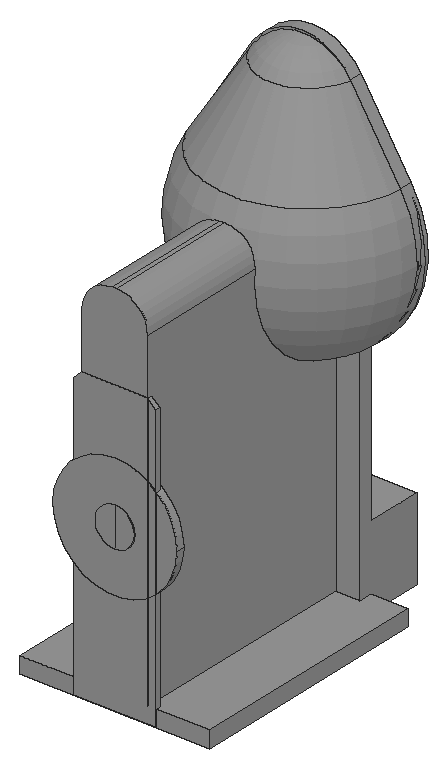
Revit family "Toilet-Willoughby-ETF-1490-FM-10-FA-BS", category Plumbing Fixtures, Revit 2015
Parameters (values of type "Standard")
  Waste DIA = 2 3/8"
  Waste Connection = yes
  W-RAD [instance] = Waste DIA / 2  # 0' - 1 3/16"
  Vent Connection = no
  URL = "https://www.willoughby-ind.com/wp-content/uploads/2018/01/ETF-1490-FM-FA.pdf"
  Type Comments = ""
  Revision = "A"
  Model = "ETF-1490-FM-FA-10-BS"
  Manufacturer = "Willoughby Industries"
  HW Connection = no
  Flush inlet DIA = 1 1/2"
  Fixture Body = Stainless Steel AISI 304-Willoughby
  F-RAD [instance] = Flush inlet DIA / 2  # 0' - 0 3/4"
  Description = "Floor Outlet, Floor Mounted Toilet, Front Access, With 10\" Rough In, Back Spud"
  Default Elevation = 0' - 0"
  Contact Number = "(800) 428-4065"
  CW Connection = yes
Reference planes (in)
  plane 1 "Base": y = -16.25
  plane 2: z = 0
  plane 3 "Center": x = 18.31072
  plane 4 "Waste height": y = -4.75
  plane 5: y = -1.25
  plane 6: z = -6.75
  plane 7: y = -2.125
  plane 8: y = -14.0625
  plane 9: y = 0
  plane 10: x = 16.31072
  plane 11: x = 20.31072
  plane 12: x = 11.56072
  plane 13: x = 25.06072
  plane 14: z = 23
  plane 15: z = 30.75
  plane 16: x = 15.81072
  plane 17: x = 20.81072
  plane 18: x = 15.81072
  plane 19: x = 20.81072
  plane 20: z = 10
  plane 21: x = 12.56072
  plane 22: x = 24.06072
  plane 23: y = 2.75
Forms (in)
  Extrusion 1, solid, material "Stainless Steel AISI 304-Willoughby" <- "Fixture Body"
    sketch origin (16.08109, 7.47968, -2.20225) x (-1, 0, 0) y (0, 0, -1)
      loop
        line (1.29775, -16.80087) -> (1.29775, -3.20225) -> (-5.72963, -3.20225) -> (-5.72963, -16.81676)
        arc (-5.72963, -16.81676) -> (-8.98136, -21.11843) -> (-8.21015, -26.45542) r 7
        line (-8.21015, -26.45542) -> (-5.16818, -31.31054)
        arc (-5.16818, -31.31054) -> (-2.20225, -32.95225) -> (0.76368, -31.31054) r 3.5
        line (0.76368, -31.31054) -> (3.80565, -26.45542)
        arc (3.80565, -26.45542) -> (4.5729, -21.10311) -> (1.29775, -16.80087) r 7
      loop
        arc (2.03989, -24.70557) -> (-2.20225, -18.23804) -> (-6.44438, -24.70557) r 4.625
        line (-6.44438, -24.70557) -> (-4.04125, -30.23842)
        arc (-4.04125, -30.23842) -> (-2.20225, -31.45225) -> (-0.36324, -30.23842) r 2
        line (-0.36324, -30.23842) -> (2.03989, -24.70557)
    from 8.72968 to 9.5
  Revolve 2, solid, material "Stainless Steel AISI 304-Willoughby" <- "Fixture Body"
    sketch origin (19.37246, -1.52032, 1.00169) x (-1, 0, 0) y (0, 0, -1)
      loop
        line (1.06174, -12.59906) -> (1.06174, -12.84906)
        arc (1.06174, -12.84906) -> (6.6808, -17.48143) -> (5.58904, -24.68148) r 7.38075
        line (5.58904, -24.68148) -> (3.81535, -27.91457)
        arc (3.81535, -27.91457) -> (2.63527, -29.03194) -> (1.06174, -29.43826) r 3.25
        line (1.06174, -29.43826) -> (1.06174, -29.68826)
        arc (1.06174, -29.68826) -> (2.75672, -29.25045) -> (4.02767, -28.04656) r 3.5
        line (4.02767, -28.04656) -> (7.06964, -23.19143)
        arc (7.06964, -23.19143) -> (7.15052, -16.14555) -> (1.06174, -12.59906) r 7
      axis (1.06174, -12.59906) -> (1.06174, -29.68826)
    angle from 0 to -180
  Extrusion 3, solid, material "Stainless Steel AISI 304-Willoughby" <- "Fixture Body"
    sketch origin (19.53334, -3.02032, -4.9508) x (0, 1, 0) y (0, 0, 1)
      loop
        line (-4.42257, 4.9508) -> (1.02643, 4.9508) -> (1.02643, 18.97156)
        arc (1.02643, 18.97156) -> (-2.31062, 20.32275) -> (-4.42257, 23.23845) r 6.52287
        line (-4.42257, 23.23845) -> (-4.42257, 4.9508)
    from 0.77738 to -3.22262
  Extrusion 4, solid, material "Stainless Steel AISI 304-Willoughby" <- "Fixture Body"
    sketch origin (18.31072, 0, -1) x (0, 1, 0) y (0, 0, 1)
      loop
        line (-1.25, 1) -> (2.25, 1) -> (2.25, 6) -> (-1.25, 6) -> (-1.25, 1)
    from -3.52738 to 3.5
  Extrusion 5, solid, material "Stainless Steel AISI 304-Willoughby" <- "Fixture Body"
    sketch origin (0, 0, 0) x (1, 0, 0) y (0, 1, 0)
      loop
        circle (18.31072, 0) r 0.75
    from 0 to 1
  Extrusion 6, solid, material "Stainless Steel AISI 304-Willoughby" <- "Fixture Body"
    sketch origin (0, -16.25, 0) x (1, 0, 0) y (0, 0, 1)
      loop
        line (24.06072, 0) -> (24.06072, 1) -> (12.56072, 1) -> (12.56072, 0) -> (24.06072, 0)
    from -15 to 0
  Extrusion 7, solid, material "Stainless Steel AISI 304-Willoughby" <- "Fixture Body"
    sketch origin (0, -16.25, 0) x (1, 0, 0) y (0, 0, 1)
      loop
        line (20.31072, 0) -> (20.31072, 21.125)
        arc (20.31072, 21.125) -> (19.76154, 22.45083) -> (18.43572, 23) r 1.875
        line (18.43572, 23) -> (18.18737, 23)
        arc (18.18737, 23) -> (16.86038, 22.45034) -> (16.31072, 21.12335) r 1.87665
        line (16.31072, 21.12335) -> (16.31072, 0) -> (20.31072, 0)
    from 0 to -8.80711
  Revolve 8, solid, material "Stainless Steel AISI 304-Willoughby" <- "Fixture Body"
    sketch origin (18.31072, 0.00084, 0) x (0, 1, 0) y (0, 0, 1)
      loop
        line (-16.25084, 10) -> (-14.75, 10) -> (-14.75, 11.1875) -> (-16.25084, 11.1875) -> (-16.25084, 10)
      axis (-14.75, 10) -> (-16.25084, 10)
    angle from 0 to 360
  Extrusion 9, solid, material "Stainless Steel AISI 304-Willoughby" <- "Fixture Body"
    sketch origin (0, -16.25, 0) x (1, 0, 0) y (0, 0, 1)
      loop
        circle (18.31072, 10) r 3.75
    from 0 to -0.5
  Extrusion 10, solid, material "Stainless Steel AISI 304-Willoughby" <- "Fixture Body"
    sketch origin (0, -16.25, 0) x (1, 0, 0) y (0, 0, 1)
      loop
        line (20.31072, 0) -> (20.81072, 0) -> (20.81072, 17.25) -> (20.31072, 17.75) -> (16.31072, 17.75) -> (15.81072, 17.25) -> (15.81072, 0) -> (20.31072, 0)
    from 0 to -0.25
Cuts and joins
  joined: Extrusion 1, Extrusion 3, Extrusion 4, Extrusion 6, Extrusion 7
Lines and regions (in)
  symbolic lines
    curve 1: line (24.06072, -16.25, 0) -> (12.56072, -16.25, 0)
    curve 2: line (12.56072, -16.25, 0) -> (12.56072, -1.25, 0)
    curve 3: line (24.06072, -1.25, 0) -> (24.06072, -16.25, 0)
    curve 4: line (11.28334, -1.25, 0) -> (25.28334, -1.25, 0)
    curve 5: line (25.28334, -1.25, 0) -> (25.28334, -2.02032, 0)
    curve 6: line (11.28334, -1.25, 0) -> (11.28334, -2.02032, 0)
    curve 7: arc (11.28334, -2.02032, 0) -> (13.51498, -6.65349, 0) -> (18.31072, -8.51019, 0) r 6.99765
    curve 8: arc (18.31072, -8.51019, 0) -> (23.06061, -6.62283, 0) -> (25.28334, -2.02032, 0) r 7.04283
    curve 9: line (20.31072, -8.20586, 0) -> (20.31072, -16.25, 0)
    curve 10: line (16.31072, -8.23264, 0) -> (16.31072, -16.25, 0)
    curve 11: line (14.78334, -1.25, 0) -> (14.78334, 2.25, 0)
    curve 12: line (14.78334, 2.25, 0) -> (21.81072, 2.25, 0)
    curve 13: line (21.81072, 2.25, 0) -> (21.81072, -1.25, 0)
    curve 14: line (12.56072, -16.25, 0) -> (24.06072, -16.25, 0)
    curve 15: line (24.06072, -16.25, 0) -> (24.06072, -16.25, 1)
    curve 16: line (24.06072, -16.25, 1) -> (21.81072, -16.25, 1)
    curve 17: line (21.81072, -16.25, 1) -> (21.81072, -16.25, 14.61451)
    curve 18: arc (21.81072, -16.25, 14.61451) -> (25.06245, -16.25, 18.91618) -> (24.29124, -16.25, 24.25317) r 7
    curve 19: line (24.29124, -16.25, 24.25317) -> (21.24927, -16.25, 29.1083)
    curve 20: arc (21.24927, -16.25, 29.1083) -> (18.28334, -16.25, 30.75) -> (15.31741, -16.25, 29.1083) r 3.5
    curve 21: line (15.31741, -16.25, 29.1083) -> (12.34391, -16.25, 24.26096)
    curve 22: arc (12.34391, -16.25, 24.26096) -> (11.52805, -16.25, 18.91587) -> (14.78334, -16.25, 14.59862) r 6.9627
    curve 23: line (14.78334, -16.25, 14.59862) -> (14.78334, -16.25, 1)
    curve 24: line (14.78334, -16.25, 1) -> (12.56072, -16.25, 1)
    curve 25: line (12.56072, -16.25, 1) -> (12.56072, -16.25, 0)
    curve 33: line (18.31072, -16.25, 0) -> (18.31072, 2.25, 0)
    curve 34: line (18.31072, 2.25, 0) -> (18.31072, 2.25, 5)
    curve 35: line (18.31072, 2.25, 5) -> (18.31072, -1.25, 5)
    curve 36: line (18.31072, -1.25, 5) -> (18.31072, -1.25, 30.75)
    curve 37: line (18.31072, -1.25, 30.75) -> (18.31072, -2.02032, 30.75)
    curve 38: arc (18.31072, -2.02032, 30.75) -> (18.31072, -3.2578, 30.24154) -> (18.31072, -4.25728, 29.3522) r 3.98525
    curve 39: arc (18.31072, -4.25728, 29.3522) -> (18.31072, -5.90323, 26.7793) -> (18.31072, -7.52822, 24.19312) r 375.83516
    curve 40: arc (18.31072, -7.52822, 24.19312) -> (18.31072, -7.84242, 23.61335) -> (18.31072, -8.08458, 23) r 5.47129
    curve 41: line (18.31072, -8.08458, 23) -> (18.31072, -16.25, 23)
    curve 42: line (18.31072, -16.25, 23) -> (18.31072, -16.25, 0)
    curve 43: line (18.31072, -1.25, 14.61451) -> (18.31072, -2.02032, 14.61451)
    curve 44: line (18.31072, -2.02032, 14.61451) -> (18.31072, -2.02032, 13.86451)
    curve 45: arc (18.31072, -2.02032, 14.0236) -> (18.31072, -4.75939, 14.72981) -> (18.31072, -6.87653, 16.60569) r 6.03985
    curve 46: arc (18.31072, -6.87653, 16.60569) -> (18.31072, -7.84778, 18.38651) -> (18.31072, -8.17881, 20.38777) r 6.07671
    curve 47: arc (18.31072, -8.17881, 20.38777) -> (18.31072, -8.15278, 21.69464) -> (18.31072, -8.08458, 23) r 40.48203
    curve 48: line (18.31072, -2.02032, 13.86451) -> (18.31072, -2.02032, 1)
    curve 49: line (18.31072, -2.02032, 1) -> (18.31072, -16.25, 1)
  symbolic lines, detail levels fine
    curve 26: arc (21.81072, -16.25, 8.65371) -> (22.06072, -16.25, 10) -> (21.81072, -16.25, 11.34629) r 3.75
    curve 27: arc (14.78334, -16.25, 11.27282) -> (14.56072, -16.25, 10) -> (14.78334, -16.25, 8.72718) r 3.75
    curve 29: line (22.52547, -16.25, 22.50332) -> (20.12234, -16.25, 28.03617)
    curve 30: arc (20.12234, -16.25, 28.03617) -> (18.28334, -16.25, 29.2424) -> (16.44433, -16.25, 28.03617) r 2.00498
    curve 31: line (16.44433, -16.25, 28.03617) -> (14.0412, -16.25, 22.50332)
    curve 32: arc (14.0412, -16.25, 22.50332) -> (18.28334, -16.25, 16.0358) -> (22.52547, -16.25, 22.50332) r 4.625
  symbolic lines, detail levels medium+fine
    curve 28: line (21.81072, -16.25, 5) -> (14.78334, -16.25, 5)
  reference lines
    curve 50: line (18.31072, -1.25, 18.75) -> (18.31072, -19.25, 18.75)
Dimensions and locks (in)
  plane 1 "Base" to plane 5 = 1' - 3"
  plane 1 "Base" to plane 9 = 1' - 4 1/4"
  level to plane 15 = 2' - 6 3/4"
  plane 21 to plane 22 = 0' - 11 1/2"  (x2)
  plane 13 to plane 22 = 0' - 1"
  locked: plane 10 to plane 11 at 4
  level to plane 20 = 0' - 10"
  plane 18 to plane 19 = 0' - 5"
  plane 9 to plane 1 "Base" = 1' - 4 1/4"
  "F-RAD": radius of Extrusion 5 sketch curve
  aligned and locked: plane 9 to Extrusion 5 sketch curve
  aligned and locked: plane 3 "Center" to Extrusion 5 sketch curve
  aligned and locked: Revolve 8 sketch curve to Revolve 8 sketch curve  (x2)
Automatic sketch dimensions
  Extrusion 1 sketch curve to Extrusion 1 sketch curve = 0' - 0"  (x8)
  level to Extrusion 1 sketch curve = 0' - 1"
  plane 3 "Center" to Extrusion 1 sketch curve = 0' - 5.98052"
  Extrusion 1 sketch curve to Extrusion 1 sketch curve = 0' - 1.76576"  (x2)
  plane 3 "Center" to Extrusion 1 sketch curve = 0' - 3 1/2"
  plane 3 "Center" to Extrusion 1 sketch curve = 0' - 2.93855"
  Extrusion 1 sketch curve to Extrusion 1 sketch curve = 0' - 1.12693"  (x2)
  Extrusion 1 sketch curve to plane 3 "Center" = 0' - 0.02738"  (x2)
  Extrusion 1 sketch curve to plane 3 "Center" = 0' - 1.86639"
  Extrusion 1 sketch curve to plane 3 "Center" = 0' - 3.52738"
  Extrusion 1 sketch curve to plane 3 "Center" = 0' - 4 69/256"
  Extrusion 1 sketch curve to Extrusion 1 sketch curve = 1' - 1.59862"
  Extrusion 1 sketch curve to Extrusion 1 sketch curve = 0' - 0.01589"
  Extrusion 1 sketch curve to Extrusion 1 sketch curve = 0' - 6.06218"
  Extrusion 1 sketch curve to Extrusion 1 sketch curve = 0' - 1.74985"
  Extrusion 1 sketch curve to Extrusion 1 sketch curve = 0' - 4.74668"
  Extrusion 1 sketch curve to Extrusion 1 sketch curve = 0' - 0.78617"
  Extrusion 1 sketch curve to Extrusion 1 sketch curve = 0' - 1.07212"
  Extrusion 4 sketch curve to level = 0' - 0"
  Extrusion 4 sketch curve to plane 5 = 0' - 0"
  Extrusion 4 sketch curve to plane 9 = 0' - 2 1/4"
  level to Extrusion 4 sketch curve = 0' - 5"
  Extrusion 6 sketch curve to level = 0' - 0"
  level to Extrusion 6 sketch curve = 0' - 1"
  plane 12 to Extrusion 6 sketch curve = 0' - 1"
  Extrusion 6 sketch curve to plane 13 = 0' - 1"
  Extrusion 3 sketch curve to level = 0' - 0"
  plane 4 "Waste height" to Extrusion 3 sketch curve = 0' - 2.69289"
  plane 7 to Extrusion 3 sketch curve = 0' - 0.13111"
  plane 5 to Extrusion 3 sketch curve = 0' - 0.05941"
  Extrusion 3 sketch curve to plane 14 = 0' - 2.49238"
  Extrusion 3 sketch curve to Extrusion 3 sketch curve = 0' - 6.48686"
  Revolve 8 sketch curve to plane 20 = 0' - 0"
  plane 1 "Base" to Revolve 8 sketch curve = 0' - 0"
  plane 8 to Revolve 8 sketch curve = 0' - 0.68666"
  plane 20 to Revolve 8 sketch curve = 0' - 1 3/16"
  Revolve 8 sketch curve to Revolve 8 sketch curve = 0' - 1.49916"
  Revolve 2 sketch curve to plane 3 "Center" = 0' - 0"  (x3)
  plane 3 "Center" to Revolve 2 sketch curve = 0' - 0"
  Revolve 2 sketch curve to plane 11 = 0' - 0.72567"
  plane 18 to Revolve 2 sketch curve = 0' - 0.25361"
  Revolve 2 sketch curve to Revolve 2 sketch curve = 0' - 0.21232"
  plane 12 to Revolve 2 sketch curve = 0' - 0.7421"
  Revolve 2 sketch curve to plane 15 = 0' - 0.06005"
  Revolve 2 sketch curve to Revolve 2 sketch curve = 0' - 0 1/4"  (x2)
  Revolve 2 sketch curve to plane 15 = 0' - 1.70176"
  Revolve 2 sketch curve to Revolve 2 sketch curve = 0' - 0.13199"
  plane 14 to Revolve 2 sketch curve = 0' - 1.19312"
  Revolve 2 sketch curve to plane 14 = 0' - 1.87935"
  Revolve 2 sketch curve to Revolve 2 sketch curve = 0' - 0.51991"
  plane 18 to Revolve 2 sketch curve = 0' - 2.0273"
  plane 14 to Revolve 2 sketch curve = 0' - 0.93995"
  Revolve 2 sketch curve to Revolve 2 sketch curve = 0' - 2.4108"
  Extrusion 9 sketch curve to plane 3 "Center" = 0' - 0"
  Extrusion 9 sketch curve to plane 20 = 0' - 0"
  Extrusion 7 sketch curve to level = 0' - 0"
  Extrusion 7 sketch curve to plane 10 = 0' - 0"
  Extrusion 7 sketch curve to plane 14 = 0' - 0"
  Extrusion 7 sketch curve to plane 11 = 0' - 0"
  Extrusion 7 sketch curve to plane 3 "Center" = 0' - 0.12335"
  plane 3 "Center" to Extrusion 7 sketch curve = 0' - 0 1/8"
  plane 18 to Extrusion 10 sketch curve = 0' - 0"
  Extrusion 10 sketch curve to level = 0' - 0"
  Extrusion 10 sketch curve to plane 10 = 0' - 0"
  Extrusion 10 sketch curve to plane 11 = 0' - 0"  (x2)
  plane 19 to Extrusion 10 sketch curve = 0' - 0"
  Extrusion 10 sketch curve to plane 14 = 0' - 5 3/4"
  Extrusion 10 sketch curve to Extrusion 10 sketch curve = 0' - 0"
  Extrusion 10 sketch curve to Extrusion 10 sketch curve = 0' - 0 1/2"
  curve 2 to plane 21 = 0' - 0"
  curve 10 to plane 10 = 0' - 0"
  curve 8 to plane 3 "Center" = 0' - 0"
  curve 7 to plane 3 "Center" = 0' - 0"
  curve 9 to plane 11 = 0' - 0"
  plane 5 to curve 13 = 0' - 0"
  curve 3 to plane 22 = 0' - 0"
  plane 1 "Base" to curve 1 = 0' - 0"
  plane 7 to curve 6 = 0' - 0.10468"
  curve 6 to plane 12 = 0' - 0.27738"
  curve 11 to plane 23 = 0' - 0 1/2"
  plane 18 to curve 11 = 0' - 1.02738"
  curve 8 to plane 3 "Center" = 0' - 0.04848"
  curve 8 to curve 7 = 0' - 0.00031"
  curve 3 to curve 4 = 0' - 1.22262"
  curve 5 to curve 4 = 0' - 0.77032"
  curve 13 to plane 19 = 0' - 1"
  curve 18 to curve 32 = 0' - 0"  (x2)
  curve 26 to curve 27 = 0' - 0"  (x2)
  plane 21 to curve 24 = 0' - 0"
  curve 27 to plane 3 "Center" = 0' - 0"
  plane 22 to curve 15 = 0' - 0"
  curve 14 to level = 0' - 0"
  curve 27 to plane 20 = 0' - 0"
  plane 21 to curve 21 = 0' - 0.21681"
  plane 18 to curve 23 = 0' - 1.02738"
  plane 18 to curve 21 = 0' - 0.49331"
  plane 10 to curve 31 = 0' - 0.13361"
  curve 22 to plane 3 "Center" = 0' - 0.0318"
  curve 32 to plane 3 "Center" = 0' - 0.02738"
  curve 30 to plane 3 "Center" = 0' - 0.02738"
  curve 20 to curve 30 = 0' - 0"
  curve 29 to plane 11 = 0' - 0.18838"
  curve 19 to plane 19 = 0' - 0.43855"
  curve 16 to plane 19 = 0' - 1"
  curve 19 to plane 22 = 0' - 0.23052"
  level to curve 16 = 0' - 1"
  level to curve 25 = 0' - 1"
  plane 20 to curve 23 = 0' - 4.59862"
  plane 20 to curve 17 = 0' - 4.61451"
  curve 22 to plane 14 = 0' - 2.37975"
  curve 22 to curve 18 = 0' - 0.04055"
  curve 30 to plane 15 = 0' - 3.51258"
  curve 30 to curve 20 = 0' - 0.01258"
  curve 20 to curve 29 = 0' - 0.78617"
  curve 31 to curve 21 = 0' - 1.07212"
  curve 32 to plane 14 = 0' - 0.49668"
  curve 32 to plane 21 = 0' - 1 123/256"
  curve 29 to plane 14 = 0' - 0.49668"
  curve 23 to curve 28 = 0' - 4"
  curve 26 to plane 20 = 0' - 1.34629"
  curve 27 to plane 20 = 0' - 1.27282"
  curve 33 to level = 0' - 0"
  curve 49 to plane 1 "Base" = 0' - 0"
  curve 47 to plane 14 = 0' - 0"
  curve 37 to plane 15 = 0' - 0"
  curve 43 to plane 5 = 0' - 0"
  plane 4 "Waste height" to curve 41 = 0' - 3.33458"
  curve 40 to plane 7 = 0' - 0.75875"
  plane 7 to curve 46 = 0' - 0.02286"
  plane 7 to curve 48 = 0' - 0.10468"
  plane 7 to curve 37 = 0' - 0.10468"
  plane 7 to curve 45 = 0' - 0.20115"
  curve 38 to plane 5 = 0' - 0.10406"
  curve 33 to plane 23 = 0' - 0 1/2"
  curve 47 to plane 14 = 0' - 2.76463"
  plane 23 to curve 47 = 2' - 5.55294"
  curve 39 to plane 6 = 13' - 11.71696"
  plane 23 to curve 39 = 25' - 8.76134"
  level to curve 34 = 0' - 5"
  plane 20 to curve 44 = 0' - 3.86451"
  curve 44 to curve 43 = 0' - 0 3/4"
  curve 45 to plane 14 = 0' - 2.93732"
  curve 45 to curve 46 = 0' - 0.30221"
  curve 46 to curve 40 = 0' - 0.93619"
  plane 14 to curve 38 = 0' - 3.86185"
  curve 46 to curve 47 = 0' - 0"
  curve 39 to curve 40 = 0' - 0"
  plane 4 "Waste height" to curve 46 = 0' - 2.12653"
  curve 33 to curve 49 = 0' - 1"
  curve 50 to plane 5 = 0' - 0"
  curve 50 to plane 14 = 0' - 4 1/4"
  plane 1 "Base" to curve 50 = 0' - 3"
  radius of Extrusion 9 sketch curve = 0' - 3 3/4"
Connectors (in)
  piping at (18.31072, 0, 1), diameter 1.5, driven by "F-RAD", driven by "CW Connection"
    settings: on Extrusion 5, index 2, connector inside diameter 1 1/2", connector length 0' - 0", flow factor 0, pipe flow 0 GPM, pressure drop 0.00 psi, fitting loss kfactor 0, connector angle 0.00°, fixture units 0, engagement length 0' - 0", angle of deflection 0.00°, flow configuration 0, flow direction 1, fitting loss method 0, system type 20, joint type 0, gender type 0, connector reference index -1, connector utility 1, adjustable connector no, is connector primary yes, connector description "Flush Inlet"
  piping at (18.31072, -16.25, 10), diameter 2.375, driven by "W-RAD", driven by "Waste Connection"
    settings: on Revolve 8, index 4, connector inside diameter 24", connector length 0' - 0", flow factor 0, pipe flow 1.6 GPM, pressure drop 0.00 psi, fitting loss kfactor 0, connector angle 0.00°, fixture units 0, engagement length 0' - 0", angle of deflection 0.00°, flow configuration 0, flow direction 2, fitting loss method 0, system type 16, joint type 0, gender type 0, connector reference index -1, connector utility 1, adjustable connector no, is connector primary no, connector description "Toilet Waste"
